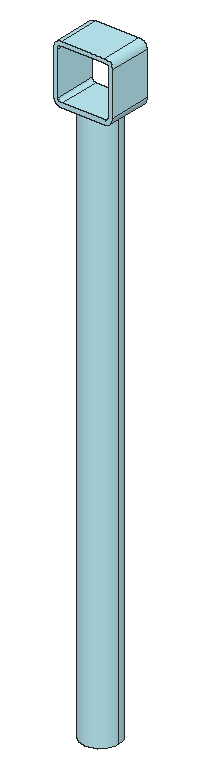
Revit family "サポートスタンド　H=800", category 機械設備, Revit 2020
Family settings
  丸型コネクタ寸法 = 直径を使用
  種別 = なし
  パーツ タイプ = 標準
  作業面ベース = いいえ
  常に垂直 = はい
  ロード時にボイドで切り取り = いいえ
  共有 = いいえ
  部屋計算ポイント = いいえ
Parameters
  製造元 = "株式会社桐井製作所"
  既定の高さ = 0 mm
  URL = "https://www.kirii.co.jp/"
  K_表面処理 = "Z12以上"
  K_材質 = "溶融亜鉛めっき鋼板及び鋼帯及び鋼帯JIS G 3302"
  K_名称 = "スタンド(サポートスタンド用)　H=800"
  K_単位質量(kg/個) = 0.256
  K_バージョン情報 = "20221219"
Reference planes
  plane 1 "中心(正面/背面)": y = 0
  plane 2: z = 0
  plane 3 "中心(左/右)": x = 0
Forms (mm)
  Extrusion 1, solid
    sketch origin (0, 0, 0) x (1, 0, 0) y (0, 1, 0)
      loop
        circle (0, 0) r 24.3
      loop
        circle (0, 0) r 26.6
    from 0 to 800
  Extrusion 2, solid
    sketch origin (0, 0, 0) x (1, 0, 0) y (0, 0, 1)
      loop
        arc (31, 800) -> (38.543, 803.124) -> (41.667, 810.667) r 10.667
        line (41.667, 810.667) -> (41.667, 872.667)
        arc (41.667, 872.667) -> (38.543, 880.21) -> (31, 883.334) r 10.667
        line (31, 883.334) -> (-31, 883.334)
        arc (-31, 883.334) -> (-38.543, 880.21) -> (-41.667, 872.667) r 10.667
        line (-41.667, 872.667) -> (-41.667, 810.667)
        arc (-41.667, 810.667) -> (-38.543, 803.124) -> (-31, 800) r 10.667
        line (-31, 800) -> (31, 800)
      loop
        line (-36.334, 872.667) -> (-36.334, 810.667)
        arc (-36.334, 810.667) -> (-34.771, 806.895) -> (-31, 805.333) r 5.333
        line (-31, 805.333) -> (31, 805.333)
        arc (31, 805.333) -> (34.771, 806.895) -> (36.334, 810.667) r 5.333
        line (36.334, 810.667) -> (36.334, 872.667)
        arc (36.334, 872.667) -> (34.771, 876.438) -> (31, 878) r 5.333
        line (31, 878) -> (-31, 878)
        arc (-31, 878) -> (-34.771, 876.438) -> (-36.334, 872.667) r 5.333
    from -30 to 30
Dimensions and locks
  aligned and locked: level to plane 2
